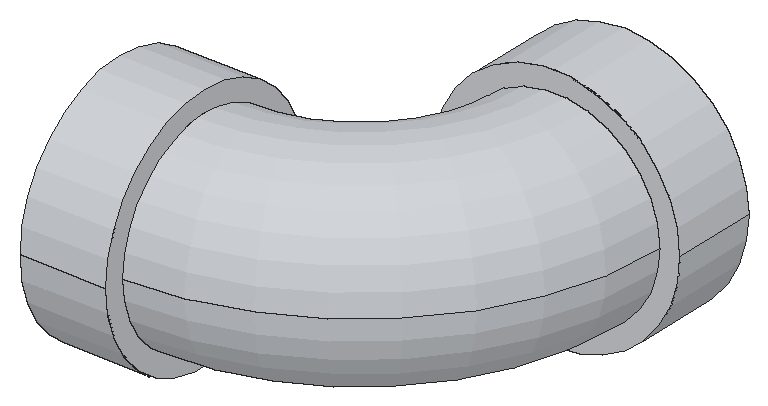
Revit family "M_Curva - PVC - Sch 40 - DWV", category Conexões de tubo, Revit 2019
Family settings
  Cota do conector redondo = Usar raio
  Tipo de parte = Cotovelo
  Número OmniClass = 23.60.30.11.14
  Título OmniClass = Pipework Fittings
  ID de item do Seek = Bend - PVC - Sch 40 - DWV-0000-CAN-ENU
  Com base no plano de trabalho = Não
  Sempre na vertical = Sim
  Corte com vazios quando carregada = Não
  Compartilhado = Não
Parameters (values of type "Padrão")
  Espessura da parede [instance] = size_lookup(Nome da tabela de pesquisa, "WThk", 0.02 * Diâmetro nominal + 3.274 mm, Diâmetro nominal)  # 3.962 mm
  Tamanho da marca de revisão [instance] = Diâmetro externo da conexão * 0.4  # 16.866 mm
  Raio externo do soquete [instance] = Diâmetro externo do soquete / 2  # 25.235 mm
  Diâmetro externo do soquete [instance] = Diâmetro da entrada do soquete + Espessura da parede * 2  # 50.47 mm
  Diâmetro da entrada do soquete [instance] = size_lookup(Nome da tabela de pesquisa, "SED", 1.04 * Diâmetro nominal + 9.426 mm, Diâmetro nominal)  # 42.545 mm
  Profundidade do soquete [instance] = size_lookup(Nome da tabela de pesquisa, "SDpt", 0.5 * Diâmetro nominal, Diâmetro nominal)  # 17.45 mm
  Raio nominal [instance] = 16 mm
  Diâmetro nominal [instance] = Raio nominal * 2  # 32 mm
  Método de perda = Não definido
  Nome da tabela de pesquisa = "M_Bend - PVC - Sch 40 - DWV"
  Comprimento 2 [instance] = (Centro para legenda inferior do soquete + Profundidade do soquete) * sin(Ângulo)  # 57.15 mm
  Comprimento 1 [instance] = Centro para legenda inferior do soquete * (1 + cos(Ângulo)) + Profundidade do soquete * cos(Ângulo)  # 39.7 mm
  Raio externo da conexão [instance] = Diâmetro externo da conexão / 2  # 21.082 mm
  Diâmetro externo da conexão [instance] = size_lookup(Nome da tabela de pesquisa, "FOD", 1.04 * Diâmetro nominal + 9.128 mm, Diâmetro nominal)  # 42.164 mm
  Centro para inferior do soquete não encontrado [instance] = if(Ângulo 1 = 90.00°, 0.66 * Diâmetro nominal + 23.614 mm, if(Ângulo 1 = 60.00°, 0.41 * Diâmetro nominal + 10.914 mm, if(Ângulo 1 = 45.00°, 0.42 * Diâmetro nominal + 13.692 mm, 0.21 * Diâmetro nominal + 5.06 mm)))  # 44.734 mm
  Centro para legenda inferior do soquete [instance] = if(Raio externo da conexão * tan(Ângulo / 2) > Centro para inferior do soquete, Raio externo da conexão * tan(Ângulo / 2) + 0.794 mm, Centro para inferior do soquete)  # 39.7 mm
  Centro para inferior do soquete [instance] = size_lookup(Nome da tabela de pesquisa, "CtSB", Centro para inferior do soquete não encontrado, Diâmetro nominal, Ângulo 1)  # 39.7 mm
  Raio do centro [instance] = Centro para legenda inferior do soquete / tan(Ângulo / 2)  # 39.7 mm
  Ângulo 1 [instance] = if(or(Ângulo < 22.50°, Ângulo = 22.50°), 22.50°, if(or(Ângulo < 45.00°, Ângulo = 45.00°), 45.00°, if(or(Ângulo < 60.00°, Ângulo = 60.00°), 60.00°, 90.00°)))  # 90.00°
  Ângulo [instance] = 90.00°
Reference planes
  plane 1 "Centro (Frente/Trás)": y = 0
  plane 2: z = 0
  plane 3 "Centro (Esquerda/Direita)": x = 0
  plane 4: x = -39.7
  plane 5: y = 39.7
  plane 6: x = 0
  plane 7: y = 57.15
  plane 8: x = -57.15
Forms (mm)
  Sweep 1, solid, detail levels fine
    path in 3D
      loop
        arc (-39.7, 0, 0) -> (-11.628, 11.628, 0) -> (0, 39.7, 0) r 39.7
    profile origin (-11.628, 11.628, 0) x (-0.707107, 0.707107, 0) y (0, 0, 1)
      loop
        circle (0, 0) r 21.082
  Sweep 2, solid, detail levels fine
    path in 3D
      loop
        line (-57.15, 0, 0) -> (-39.7, 0, 0)
    profile origin (-48.425, 0, 0) x (0, 1, 0) y (0, 0, 1)
      loop
        circle (0, 0) r 25.235
  Sweep 3, solid, detail levels fine
    path in 3D
      loop
        line (0, 39.7, 0) -> (0, 57.15, 0)
    profile origin (0, 48.425, 0) x (-1, 0, 0) y (0, 0, 1)
      loop
        circle (0, 0) r 25.235
Cuts and joins
  joined: Sweep 1, Sweep 2, Sweep 3
Lines and regions (mm)
  model lines, detail levels coarse+medium
    curve 1: arc (-39.7, 0, 0) -> (-11.628, 11.628, 0) -> (0, 39.7, 0) r 39.7
    curve 2: line (0, 39.7, 0) -> (0, 57.15, 0)
    curve 3: line (-57.15, 0, 0) -> (-39.7, 0, 0)
    curve 9: line (0, 57.15, 0) -> (-16.866, 57.15, 0)
    curve 10: line (0, 57.15, 0) -> (16.866, 57.15, 0)
    curve 11: line (-57.15, 16.866, 0) -> (-57.15, 0, 0)
    curve 12: line (-57.15, 0, 0) -> (-57.15, -16.866, 0)
  sketch lines
    curve 4: arc (-39.7, 0, 0) -> (-11.628, 11.628, 0) -> (0, 39.7, 0) r 39.7
    curve 5: line (-57.15, 0, 0) -> (-39.7, 0, 0)
    curve 6: line (0, 39.7, 0) -> (0, 57.15, 0)
  reference lines
    curve 7: line (0, 57.15, 0) -> (0, 39.7, 0)
    curve 8: line (-57.15, 0, 0) -> (-39.7, 0, 0)
Dimensions and locks
  "Centro para legenda inferior do soquete": plane 4 to plane 3 "Centro (Esquerda/Direita)"
  "Raio do centro": plane 5 to plane 1 "Centro (Frente/Trás)"
  "Comprimento 1": plane 4 to plane 6
  "Comprimento 2": plane 7 to plane 1 "Centro (Frente/Trás)"
  "Profundidade do soquete": curve 2 to curve 2
  "Profundidade do soquete": plane 8 to plane 4
  "Tamanho da marca de revisão": curve 9 to curve 9
  "Tamanho da marca de revisão": curve 10 to curve 10
  "Tamanho da marca de revisão": curve 11 to curve 11
  "Tamanho da marca de revisão": curve 12 to curve 12
  "Raio externo da conexão": radius of Sweep 1 sketch curve
  "Raio externo do soquete": radius of Sweep 2 sketch curve
  "Raio externo do soquete": radius of Sweep 3 sketch curve
  "Raio do centro": radius of curve 1
  "Ângulo": angle curve 1 to curve 1
  "Ângulo": angle plane 1 "Centro (Frente/Trás)" to curve 2
  "Ângulo": angle plane 1 "Centro (Frente/Trás)" to curve 7
  "Ângulo": angle plane 6 to curve 9
  "Ângulo": angle plane 6 to curve 10
  aligned and locked: plane 1 "Centro (Frente/Trás)" to curve 1
  aligned and locked: plane 1 "Centro (Frente/Trás)" to curve 3
  aligned and locked: plane 6 to curve 7
  aligned and locked: plane 7 to curve 7
  aligned and locked: plane 8 to curve 8
  aligned and locked: plane 1 "Centro (Frente/Trás)" to curve 8
  aligned and locked: plane 6 to curve 9
  aligned and locked: curve 11 to plane 8
  aligned and locked: curve 12 to plane 8
Automatic sketch dimensions
  Sweep 1 sketch curve to profile plane = 0 mm
  profile plane to Sweep 1 sketch curve = 0 mm
  Sweep 2 sketch curve to profile plane = 0 mm  (x2)
  Sweep 3 sketch curve to profile plane = 0 mm  (x2)
  curve 8 to plane 4 = 0 mm
Connectors
  piping at (-57.15, 0, 0), diameter 32, driven by "Ângulo", driven by "Raio nominal"
    settings: on cut or joined group of Sweep 1, Sweep 2, Sweep 3, index 1, connector inside diameter 32 mm, connector length 0 mm, flow factor 0, pipe flow 0.0 L/s, pressure drop 0.0 Pa, fitting loss kfactor 0, connector angle 90.00°, fixture units 0, engagement length 0 mm, angle of deflection 0.00°, flow configuration 0, flow direction 0, fitting loss method 0, system type 28, joint type 0, gender type 0, connector reference index 2, connector utility 0, adjustable connector no, is connector primary yes, connector description ""
  piping at (0, 57.15, 0), diameter 32, driven by "Ângulo", driven by "Raio nominal"
    settings: on cut or joined group of Sweep 1, Sweep 2, Sweep 3, index 2, connector inside diameter 32 mm, connector length 0 mm, flow factor 0, pipe flow 0.0 L/s, pressure drop 0.0 Pa, fitting loss kfactor 0, connector angle 90.00°, fixture units 0, engagement length 0 mm, angle of deflection 0.00°, flow configuration 0, flow direction 0, fitting loss method 0, system type 28, joint type 0, gender type 0, connector reference index 1, connector utility 0, adjustable connector no, is connector primary no, connector description ""
